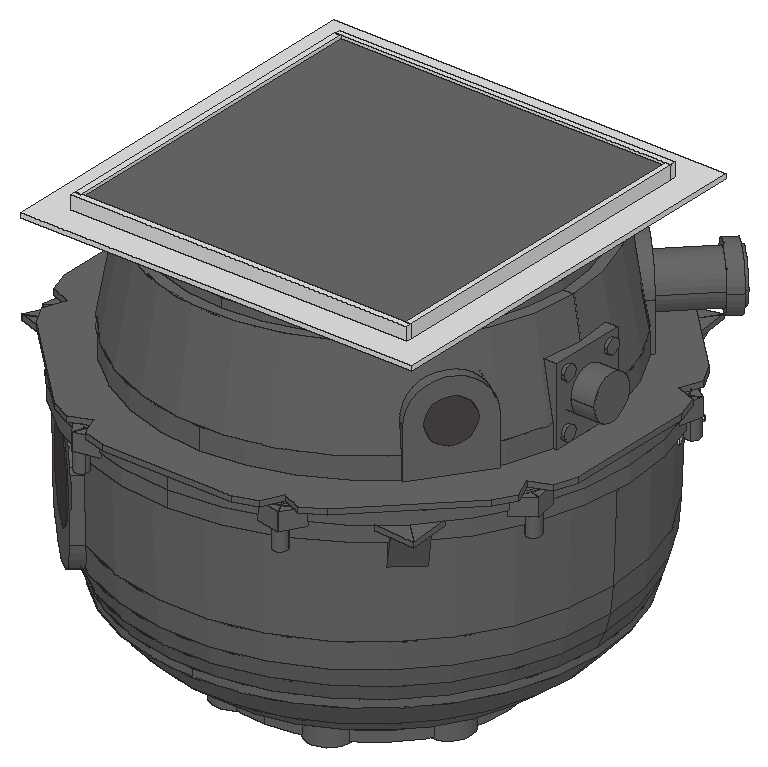
Revit family "280500sc (200)", category Generic Models, Revit 2021
Family settings
  Can host rebar = No
  Round Connector Dimension = Use Diameter
  Part Type = Normal
  Work Plane-Based = No
  Always vertical = Yes
  Cut with Voids When Loaded = No
  Shared = Yes
  Room Calculation Point = No
Parameters (values of type "280500SC")
  SUPPLIER = "KESSEL"
  SA700ID50 = "no"
  SA700ID49 = "Protection Class I"
  SA700ID48 = "no"
  SA700ID47 = "no"
  SA700ID46 = "yes"
  SA700ID37 = 8000 mm
  SA700ID34 = 12
  SA700ID33 = 0.5 W
  SA700ID32 = 16.17 kg
  SA700ID31 = 1
  SA700ID30 = 1
  SA700ID29 = "RWDR"
  SA700ID21 = 800
  SA700ID10 = "No"
  SA700ID08 = 230 V
  PROCUREWEBLINK = "https://p.caden.as/kessel/280500SC"
  PROCURELINK = "p.caden.as/kessel/280500SC"
  PROCUREDATALASTUPDATE = "2024-05-22T12:17:26.917645944+01:00"
  PRC_SPECIFICATIONLINK = "https://ausschreiben.de/catalog/kessel/catalogItem/8fbb1858-c2e1-4fac-a8b5-84fde75a8bc7"
  NN = "Lifting station Aqualift S compact"
  NBSYN = "$SA810ID03. ($LODLEVEL.)"
  NB = "280500SC (200)"
  Model = "280500SC"
  Manufacturer = "KESSEL"
  MIdent = "{$CADENAS_DATA/23d-libs/kessel/kessel_vdi_import/4/entwaesserung/hebeanlage20aqualift20s20compact.prj},217 {STYP=ASS},{VTYP=3D},{NB=280500SC (200)},{LINA=280500SC},{NN=Lifting station Aqualift S compact},{DATE=21.11.2022 10:40:35},{GEOMDATE=21.11.2022 10:40:35},{VERSION=},{LINEID=60},{WBVAR=LODLEVEL},{WBNUMERIC=LODLEVEL}  {NB=280500SC (200)},{LINA=280500SC},{KT=DUMMY},{PREVIEW=../../bilder/ksb_w_280500sc.png},{SA700ID04=Hebeanlage Aqualift S Compact, Mono, GTF 500, resistant, Bodenplatte},{SA810ID06=04026092082607},{SA700ID34=12.00},{SA010ID03=201805},{SA810ID03=280500SC},{SA810ID10=Die steckerfertige Hebeanlage für fäkalienfreies Abwasser ist mit einer überflutbaren Pumpe sowie einem Rückflussverhinderer ausgestattet. Der Sammelbehälter aus dauerhaft beständigem Kunststoff (PE) besitzt einen offenen Pumpenraum. Einhandverschlüsse ermöglichen die einfache Entnahme der integrierten Komponenten. Die Anlage zum Einbau in die Bodenplatte ist vormontiert zur bauseitigen Endmontage.- mit teleskopischem Aufsatzstück für stufenlosen Höhen- und Niveauausgleich und integriertem Bodenablauf- Sammelbehälter aus PE, beständig gegen aggressive Abwässer und 3 m Grundwasser- inklusive Rückflussverhinderer für die Druckleitung- inklusive Stutzen für Zulauf und Kabelleerrohr- Pumpe mit Freistromrad für höchste BetriebssicherheitAusführung:Anlagenart: EinzelanlagePumpensteuerung: SchwimmerschalterRückflussverhinderer: integriertResistant: beständig gegen salzhaltige Medien, Abwasser aus Enthärtungsanlagen sowie kondensathaltiges Abwasser aus HeizungsanlagenAuslieferungszustand: installationsfertig (Verbindungsteile sind bauseits anzuschließen)Einbausituation: Einbau in die BodenplatteAbwasserart: fäkalienfreiAllgemeine Merkmale:Farbe: schwarzNorm: EN 12050-2Abmessungen:Länge: 617 mmBreite: 585 mmBehälter/Grundkörper:Zulauf Nennweite (DN): 100 mmDruckabgang (DN): 32 mmDruckabgang (DA): 40 mmEinbautiefe: 490 - 620 mmNutzvolumen: 16 lArt der Höhenverstellbarkeit: teleskopisches AufsatzstückAbdeckungsmerkmale:Abdeckungsart: Abdeckplatte mit SchlitzrostAbdeckung Material: KunststoffAbdeckung Farbe: schwarzBelastungsklasse: K 3 (EN 1253-1)Länge: 366 mmBreite: 366 mmVerriegelung: Lock & LiftFreier Kugeldurchgang: 10 mmFördereinrichtung:Pumpe: GTF 500Anzahl Pumpen: 1Förderleistung max.: 10 m3/hFörderhöhe max.: 8 mBetriebsspannung: 230 VNetzfrequenz: 50 HzBetriebsart: S1Leistung P1: 0,6 kWLeistung P2: 0,36 kWDrehzahl: 2.800 U/minErforderliche Absicherung (Leitungsschutz): C 16 AFörderguttemperatur (dauerhaft) max.: 40 °CAnschlusstyp: Schuko 2-poligLaufrad Typ: FreistromradLänge Netzanschlussleitung Pumpe: 5 mNennstrom: 2,7 ASchutzart Pumpe: IP 68 (3m)Typ Anschlussleitung Pumpe: H07RN-F 3G 1,0 mm2Temperaturüberwachung: integriertSteuerung:Art Niveauerfassung: mechanischInstrument Niveauerfassung: Schwimmerschalter},{SA700ID37=8.00},{SA700ID33=0.50},{SA700ID08=230},{SA700ID30=1},{SA700ID32=16.17},{SA700ID49=Schutzklasse I},{SA700ID50=nein},{SA200ID03=6},{SA250ID03=vertikal},{SA260ID03=Trockenläuferpumpe},{SA350ID03=normalansaugend},{SA400ID03=E-Motor für Wechselstrom},{SA460ID03=direkt},{SA500ID03=Kunststoff, Edelstahl},{SA700ID06=32},{SA700ID07=100},{SA700ID09=1/N/PE 230V},{SA700ID10=Nein},{SA700ID11=50},{SA700ID12=IP 68},{SA700ID13=F},{SA700ID15=35},{SA700ID21=800.00},{SA700ID22=0.36},{SA700ID23=2800},{SA700ID24=2800},{SA700ID26=2.50},{SA700ID27=6.90},{SA700ID28=durchgehend},{SA700ID29=RWDR},{SA700ID31=1},{SA700ID46=ja},{SA700ID47=nein},{SA700ID48=nein},{SA110ID04=Hebeanlage Aqualift S Compact},{SA300ID03=einstufig},{SA700ID44=MIN},{SA700ID45=MIN},{SA010ID04=KESSEL AG},{LODLEVEL=200},{LINK=https://www.kessel.de/info?han=280500SC},{SA970ID01=970},{SA970ID02=14002},{SA970ID03=280500SC},{SA970ID04=11002617},{SA970ID05=QUAD},{SA970ID06=-326},{SA970ID07=-291.04},{SA970ID08=0},{SA970ID09=1},{SA970ID10=0},{SA970ID11=0},{SA970ID12=0},{SA970ID13=1},{SA970ID14=0},{SA970ID15=617.04},{SA970ID16=582.09},{SA970ID17=488.5},{LODLEVEL_=200,'Low'},{LODLEVEL_DEU=200,'Low'},{LINK_=https://www.kessel.de/info?han=280500SC},{LINK_DEU=https://www.kessel.de/info?han=280500SC},{LODLEVEL_3DB=280500SC_200},{DNIN1=100},{DNIN2=125},{DNIN3=100},{DNIN4=100},{DNOUT1=70},{DNOUT2=32},{ISD1=60},{ISD2=10},{ISD3=10},{SA010ID01=010},{SA010ID02=4},{SA010ID06=www.kessel.de},{SA010ID07=www.kessel.de},{SA010ID12=20180713},{SA010ID13=DEU},{SA010ID14=DE},{SA100ID01=100},{SA100ID02=4},{SA100ID04=Entwässerung},{SA110ID01=110},{SA110ID02=30},{SA200ID01=200},{SA200ID02=6},{SA250ID01=250},{SA250ID02=2},{SA260ID01=260},{SA260ID02=2},{SA300ID01=300},{SA300ID02=1},{SA350ID01=350},{SA350ID02=1},{SA400ID01=400},{SA400ID02=1},{SA460ID01=460},{SA460ID02=1},{SA500ID01=500},{SA500ID02=1},{SA700ID01=700},{SA700ID02=187},{SA700ID10_=0},{SA700ID16=0},{SA700ID25=0},{SA700ID46_=1},{SA700ID47_=0},{SA700ID48_=0},{SA700ID49_=1},{SA700ID50_=0},{SA800ID01=800},{SA800ID02=2},{SA810ID01=810},{SA810ID02=187},{SA810ID04=280500SC},{SA810ID07=187},{SA810ID09=1},{SA810ID14=PCE},{SA810ID15=1},{SA810ID16=NMP},{SA960ID03=187},{SA960ID04=3L},{SA960ID08=https://www.kessel.de/info?han=280500SC},{SA010ID08=4026092000007},{SA100ID05=Hebeanlage},{SA110ID06=Hebeanlage}"
  LINK = "https://www.kessel.de/info?han=280500SC"
  LINA = "280500SC"
  Default Elevation = 0 mm
  CREATOR = "CADENAS GmbH"
  CATALOG = "KESSEL"
  BOMINFO = "LINA"
  ARTICLENO = "NB"
  4.810.00.9 Order quantity (multiplicator) = "1"
  4.810.00.7 Media- connection number = "187"
  4.810.00.6 GTIN number = "04026092082607"
  4.810.00.4 DATANORM number = "280500SC"
  4.810.00.3 Producer order number = "280500SC"
  4.710.03.7 Mass (net) = 16.17 kg
  4.710.03.6 Height = 490 mm
  4.710.03.5 Width = 580 mm
  4.710.03.4 Length = 620 mm
  4.710.03.3 Type of dimensions = "2"
  4.710.02.8 Area of application of wastewater pump = "2"
  4.710.02.6 Duty type = "S1"
  4.710.02.5 Cutting device = "0"
  4.710.02.4 Attached pump control = "1"
  4.710.02.3 Free passage = 10 mm
  4.710.01.6 Option to connect to building automation = "10"
  4.710.01.5 Load regulation = "0"
  4.710.01.4 Designation of closed-loop control = "16"
  4.700.00.9 Voltage = 0
  4.700.00.8 Nominal connection size on suction side = "100"
  4.700.00.7 Nominal connection size on pressure side = "100"
  4.700.00.6 Type of connection = "32"
  4.700.00.4 Product indentification = "Hebeanlage Aqualift S Compact, Mono, GTF 500, resistant, Bodenplatte"
  4.700.00.28 Motor pump shaft = "durchgehend"
  4.700.00.27 Starting current = 6.9
  4.700.00.26 Maximum power consumption per pump / drive = 2.5
  4.700.00.25 Minimum speed at internal speed adjustment = 0
  4.700.00.24 Nominal speed / maximum speed n = 46.6667
  4.700.00.23 Nominal speed of motor = 46.6667
  4.700.00.22 Maximum shaft output (P2) per pump/drive = 0.36 W
  4.700.00.16 Maximum temperature of pumped medium = 0 °C
  4.700.00.15 Increased safety class = "35 °C"
  4.700.00.13 Type of protection = "F"
  4.700.00.12 Frequency = 0
  4.700.00.11 Stern-/Dreieck-Anlaufschaltung bei Dreiphasenanschluss oder Drehstrom = "50 Hz"
  4.700.00.10 Phase = "0"
  4.500.00.3 Variant / Variant type / Accessories-name = "Kunststoff, Edelstahl"
  4.460.00.3 Variant / Variant type / Accessories-name = "direkt"
  4.400.00.3 Variant / Variant type / Accessories-name = "E-Motor für Wechselstrom"
  4.350.00.3 Variant / Variant type / Accessories-name = "normalansaugend"
  4.300.00.3 Variant / Variant type / Accessories-name = "einstufig"
  4.260.00.3 Variant / Variant type / Accessories-name = "Trockenläuferpumpe"
  4.250.00.3 Variant / Variant type / Accessories-name = "vertikal"
  4.200.00.3 Variant / Variant type / Accessories-name = "6"
  4.110.00.6 Product classification = "Hebeanlage"
  4.110.00.4 Product indentification = "Hebeanlage Aqualift S Compact"
  4.100.00.5 Main groups of wares = "Hebeanlage"
  4.100.00.4 Product indentification = "Entwässerung"
  4.010.00.8 Producer ID number = "4026092000007"
  4.010.00.7 Comment = "www.kessel.de"
  4.010.00.6 Web address of the manufacturer = "www.kessel.de"
  4.010.00.4 Manufacturer name = "KESSEL AG"
  4.010.00.3 Date of issuance (month) of guideline = "201805"
  4.010.00.2 Sheet number of the guideline = "4"
  4.010.00.14 Kennungen der Projektländer, für die die Datei gültig ist = "DE"
  4.010.00.13 Sprache der Datei = "DEU"
  4.010.00.12 Stand des Herstellerkatalogs = "20180713"
Reference planes
  plane 1 "Center (Front/Back)": y = 0
  plane 2: z = 0
  plane 3 "Center (Left/Right)": x = 0
Forms (mm)
  Extrusion 1, void
    sketch origin (-197.283, 197.283, 209) x (-0.707107, -0.707107, 0) y (0, 0, -1)
      loop
        line (-0.5, -0.5) -> (0.5, -0.5) -> (0.5, 0.5) -> (-0.5, 0.5) -> (-0.5, -0.5)
    from 0 to 1
  Extrusion 2, void
    sketch origin (-197.283, -197.283, 209) x (0.707107, -0.707107, 0) y (0, 0, -1)
      loop
        line (-0.5, -0.5) -> (0.5, -0.5) -> (0.5, 0.5) -> (-0.5, 0.5) -> (-0.5, -0.5)
    from 0 to 1
Dimensions and locks
  locked: plane 2 to Extrusion 1 at 208.5
  locked: plane 2 to Extrusion 1 at 209.5
  locked: plane 2 to Extrusion 2 at 208.5
  locked: plane 2 to Extrusion 2 at 209.5
  aligned and locked: level to plane 2
Nested families
  nested 1: "280500sc (200)_content" at (0, 0, 0), type "280500SC (200)_Content"
  nested 2: "280500sc (200)_part1_X0Y0" at (0, 0, 0), type "280500SC_PART1_X0Y0"
Connectors
  piping at (-326, 0, 209), diameter 125
    settings: on nested 2, index 1, connector inside diameter 609.6 mm, connector length 0 mm, flow factor 0, pipe flow 0.0 L/s, pressure drop 0.0 Pa, fitting loss kfactor 0, connector angle 0.00°, fixture units 0, engagement length 0 mm, angle of deflection 0.00°, flow configuration 0, flow direction 1, fitting loss method 2, system type 29, joint type 0, gender type 0, connector reference index -1, connector utility 0, adjustable connector no, is connector primary yes, connector description ""
  piping at (-197.283, 197.283, 209), diameter 100
    settings: on Extrusion 1, index 2, connector inside diameter 609.6 mm, connector length 0 mm, flow factor 0, pipe flow 0.0 L/s, pressure drop 0.0 Pa, fitting loss kfactor 0, connector angle 0.00°, fixture units 0, engagement length 0 mm, angle of deflection 0.00°, flow configuration 0, flow direction 0, fitting loss method 2, system type 29, joint type 0, gender type 0, connector reference index -1, connector utility 0, adjustable connector no, is connector primary no, connector description ""
  piping at (-197.283, -197.283, 209), diameter 100
    settings: on Extrusion 2, index 3, connector inside diameter 609.6 mm, connector length 0 mm, flow factor 0, pipe flow 0.0 L/s, pressure drop 0.0 Pa, fitting loss kfactor 0, connector angle 0.00°, fixture units 0, engagement length 0 mm, angle of deflection 0.00°, flow configuration 0, flow direction 0, fitting loss method 2, system type 29, joint type 0, gender type 0, connector reference index -1, connector utility 0, adjustable connector no, is connector primary no, connector description ""
  piping at (-245.75, 0, 370), diameter 70
    settings: on nested 2, index 4, connector inside diameter 609.6 mm, connector length 0 mm, flow factor 0, pipe flow 0.0 L/s, pressure drop 0.0 Pa, fitting loss kfactor 0, connector angle 0.00°, fixture units 0, engagement length 0 mm, angle of deflection 0.00°, flow configuration 0, flow direction 0, fitting loss method 2, system type 29, joint type 0, gender type 0, connector reference index -1, connector utility 0, adjustable connector no, is connector primary no, connector description ""
  piping at (272.5, -3, 363.25), diameter 32
    settings: on nested 2, index 5, connector inside diameter 609.6 mm, connector length 0 mm, flow factor 0, pipe flow 0.0 L/s, pressure drop 0.0 Pa, fitting loss kfactor 0, connector angle 0.00°, fixture units 0, engagement length 0 mm, angle of deflection 0.00°, flow configuration 0, flow direction 2, fitting loss method 2, system type 29, joint type 0, gender type 0, connector reference index -1, connector utility 0, adjustable connector no, is connector primary no, connector description ""
  electrical at (227.236, 241.378, 376)
    settings: on nested 2, index 6, voltage 0 V, apparent load 0 VA, apparent load phase1 0 VA, apparent load phase2 0 VA, apparent load phase3 0 VA, power factor 1, load classification "Other", number of poles 1, system type 31, power factor state 1, is connector primary yes, connector utility no, sub classification motor no, connector description ""
  electrical at (241.378, 227.236, 364)
    settings: on nested 2, index 7, voltage 0 V, apparent load 0 VA, apparent load phase1 0 VA, apparent load phase2 0 VA, apparent load phase3 0 VA, power factor 1, load classification "Other", number of poles 1, system type 31, power factor state 1, is connector primary no, connector utility no, sub classification motor no, connector description ""
  electrical at (241.378, 227.236, 376)
    settings: on nested 2, index 8, voltage 0 V, apparent load 0 VA, apparent load phase1 0 VA, apparent load phase2 0 VA, apparent load phase3 0 VA, power factor 1, load classification "Other", number of poles 1, system type 31, power factor state 1, is connector primary no, connector utility no, sub classification motor no, connector description ""
  electrical at (227.236, 241.378, 364)
    settings: on nested 2, index 9, voltage 0 V, apparent load 0 VA, apparent load phase1 0 VA, apparent load phase2 0 VA, apparent load phase3 0 VA, power factor 1, load classification "Other", number of poles 1, system type 31, power factor state 1, is connector primary no, connector utility no, sub classification motor no, connector description ""
Definition of nested family "280500sc (200)_part1_X0Y0"
  Parameters (values of type "280500SC_PART1_X0Y0")
    SUPPLIER = "KESSEL"
    SA700ID50 = "no"
    SA700ID49 = "Protection Class I"
    SA700ID48 = "no"
    SA700ID47 = "no"
    SA700ID46 = "yes"
    SA700ID37 = 8000 mm
    SA700ID34 = 12
    SA700ID33 = 0.5 W
    SA700ID32 = 16.17 kg
    SA700ID31 = 1
    SA700ID30 = 1
    SA700ID29 = "RWDR"
    SA700ID21 = 800
    SA700ID10 = "No"
    SA700ID08 = 230 V
    NBSYN = "$SA810ID03. ($LODLEVEL.)_PART1"
    NB = "280500SC (200)_PART1"
    Model = "280500SC_PART1"
    Manufacturer = "KESSEL"
    MIdent = "{$CADENAS_DATA/23d-libs/kessel/kessel_vdi_import/4/entwaesserung/hebeanlage20aqualift20s20compact.prj},237 {VTYP=3D},{NB=280500SC (200)_PART1},{LINA=280500SC_PART1},{NN=Lifting station Aqualift S compact_PART1},{NOPRJ=TRUE},{DATE=21.11.2022 10:40:35},{GEOMDATE=21.11.2022 10:40:35},{VERSION=},{LINEID=60},{WBVAR=LODLEVEL},{WBNUMERIC=LODLEVEL}  {NB=280500SC (200)_PART1},{LINA=280500SC_PART1},{KT=DUMMY},{PREVIEW=../../bilder/ksb_w_280500sc.png},{SA700ID04=Hebeanlage Aqualift S Compact, Mono, GTF 500, resistant, Bodenplatte},{SA810ID06=04026092082607},{SA700ID34=12.00},{SA010ID03=201805},{SA810ID03=280500SC},{SA810ID10=Die steckerfertige Hebeanlage für fäkalienfreies Abwasser ist mit einer überflutbaren Pumpe sowie einem Rückflussverhinderer ausgestattet. Der Sammelbehälter aus dauerhaft beständigem Kunststoff (PE) besitzt einen offenen Pumpenraum. Einhandverschlüsse ermöglichen die einfache Entnahme der integrierten Komponenten. Die Anlage zum Einbau in die Bodenplatte ist vormontiert zur bauseitigen Endmontage.- mit teleskopischem Aufsatzstück für stufenlosen Höhen- und Niveauausgleich und integriertem Bodenablauf- Sammelbehälter aus PE, beständig gegen aggressive Abwässer und 3 m Grundwasser- inklusive Rückflussverhinderer für die Druckleitung- inklusive Stutzen für Zulauf und Kabelleerrohr- Pumpe mit Freistromrad für höchste BetriebssicherheitAusführung:Anlagenart: EinzelanlagePumpensteuerung: SchwimmerschalterRückflussverhinderer: integriertResistant: beständig gegen salzhaltige Medien, Abwasser aus Enthärtungsanlagen sowie kondensathaltiges Abwasser aus HeizungsanlagenAuslieferungszustand: installationsfertig (Verbindungsteile sind bauseits anzuschließen)Einbausituation: Einbau in die BodenplatteAbwasserart: fäkalienfreiAllgemeine Merkmale:Farbe: schwarzNorm: EN 12050-2Abmessungen:Länge: 617 mmBreite: 585 mmBehälter/Grundkörper:Zulauf Nennweite (DN): 100 mmDruckabgang (DN): 32 mmDruckabgang (DA): 40 mmEinbautiefe: 490 - 620 mmNutzvolumen: 16 lArt der Höhenverstellbarkeit: teleskopisches AufsatzstückAbdeckungsmerkmale:Abdeckungsart: Abdeckplatte mit SchlitzrostAbdeckung Material: KunststoffAbdeckung Farbe: schwarzBelastungsklasse: K 3 (EN 1253-1)Länge: 366 mmBreite: 366 mmVerriegelung: Lock & LiftFreier Kugeldurchgang: 10 mmFördereinrichtung:Pumpe: GTF 500Anzahl Pumpen: 1Förderleistung max.: 10 m3/hFörderhöhe max.: 8 mBetriebsspannung: 230 VNetzfrequenz: 50 HzBetriebsart: S1Leistung P1: 0,6 kWLeistung P2: 0,36 kWDrehzahl: 2.800 U/minErforderliche Absicherung (Leitungsschutz): C 16 AFörderguttemperatur (dauerhaft) max.: 40 °CAnschlusstyp: Schuko 2-poligLaufrad Typ: FreistromradLänge Netzanschlussleitung Pumpe: 5 mNennstrom: 2,7 ASchutzart Pumpe: IP 68 (3m)Typ Anschlussleitung Pumpe: H07RN-F 3G 1,0 mm2Temperaturüberwachung: integriertSteuerung:Art Niveauerfassung: mechanischInstrument Niveauerfassung: Schwimmerschalter},{SA700ID37=8.00},{SA700ID33=0.50},{SA700ID08=230},{SA700ID30=1},{SA700ID32=16.17},{SA700ID49=Schutzklasse I},{SA700ID50=nein},{SA200ID03=6},{SA250ID03=vertikal},{SA260ID03=Trockenläuferpumpe},{SA350ID03=normalansaugend},{SA400ID03=E-Motor für Wechselstrom},{SA460ID03=direkt},{SA500ID03=Kunststoff, Edelstahl},{SA700ID06=32},{SA700ID07=100},{SA700ID09=1/N/PE 230V},{SA700ID10=Nein},{SA700ID11=50},{SA700ID12=IP 68},{SA700ID13=F},{SA700ID15=35},{SA700ID21=800.00},{SA700ID22=0.36},{SA700ID23=2800},{SA700ID24=2800},{SA700ID26=2.50},{SA700ID27=6.90},{SA700ID28=durchgehend},{SA700ID29=RWDR},{SA700ID31=1},{SA700ID46=ja},{SA700ID47=nein},{SA700ID48=nein},{SA110ID04=Hebeanlage Aqualift S Compact},{SA300ID03=einstufig},{SA700ID44=MIN},{SA700ID45=MIN},{SA010ID04=KESSEL AG},{LODLEVEL=200},{LINK=https://www.kessel.de/info?han=280500SC},{SA970ID01=970},{SA970ID02=14002},{SA970ID03=280500SC},{SA970ID04=11002617},{SA970ID05=QUAD},{SA970ID06=-326},{SA970ID07=-291.04},{SA970ID08=0},{SA970ID09=1},{SA970ID10=0},{SA970ID11=0},{SA970ID12=0},{SA970ID13=1},{SA970ID14=0},{SA970ID15=617.04},{SA970ID16=582.09},{SA970ID17=488.5},{LODLEVEL_=200,'Low'},{LODLEVEL_DEU=200,'Low'},{LINK_=https://www.kessel.de/info?han=280500SC},{LINK_DEU=https://www.kessel.de/info?han=280500SC},{LODLEVEL_3DB=280500SC_200},{DNIN1=100},{DNIN2=125},{DNIN3=100},{DNIN4=100},{DNOUT1=70},{DNOUT2=32},{ISD1=60},{ISD2=10},{ISD3=10},{SA010ID01=010},{SA010ID02=4},{SA010ID06=www.kessel.de},{SA010ID07=www.kessel.de},{SA010ID12=20180713},{SA010ID13=DEU},{SA010ID14=DE},{SA100ID01=100},{SA100ID02=4},{SA100ID04=Entwässerung},{SA110ID01=110},{SA110ID02=30},{SA200ID01=200},{SA200ID02=6},{SA250ID01=250},{SA250ID02=2},{SA260ID01=260},{SA260ID02=2},{SA300ID01=300},{SA300ID02=1},{SA350ID01=350},{SA350ID02=1},{SA400ID01=400},{SA400ID02=1},{SA460ID01=460},{SA460ID02=1},{SA500ID01=500},{SA500ID02=1},{SA700ID01=700},{SA700ID02=187},{SA700ID10_=0},{SA700ID16=0},{SA700ID25=0},{SA700ID46_=1},{SA700ID47_=0},{SA700ID48_=0},{SA700ID49_=1},{SA700ID50_=0},{SA800ID01=800},{SA800ID02=2},{SA810ID01=810},{SA810ID02=187},{SA810ID04=280500SC},{SA810ID07=187},{SA810ID09=1},{SA810ID14=PCE},{SA810ID15=1},{SA810ID16=NMP},{SA960ID03=187},{SA960ID04=3L},{SA960ID08=https://www.kessel.de/info?han=280500SC},{SA010ID08=4026092000007},{SA100ID05=Hebeanlage},{SA110ID06=Hebeanlage}"
    LINK = "https://www.kessel.de/info?han=280500SC"
    LINA = "280500SC_PART1"
    Default Elevation = 1219.2 mm
    CREATOR = "CADENAS GmbH"
    CATALOG = "KESSEL"
    BOMINFO = "LINA"
    ARTICLENO = "NB"
    4.810.00.9 Order quantity (multiplicator) = "1"
    4.810.00.7 Media- connection number = "187"
    4.810.00.6 GTIN number = "04026092082607"
    4.810.00.4 DATANORM number = "280500SC"
    4.810.00.3 Producer order number = "280500SC"
    4.710.03.7 Mass (net) = 16.17 kg
    4.710.03.6 Height = 490 mm
    4.710.03.5 Width = 580 mm
    4.710.03.4 Length = 620 mm
    4.710.03.3 Type of dimensions = "2"
    4.710.02.8 Area of application of wastewater pump = "2"
    4.710.02.6 Duty type = "S1"
    4.710.02.5 Cutting device = "0"
    4.710.02.4 Attached pump control = "1"
    4.710.02.3 Free passage = 10 mm
    4.710.01.6 Option to connect to building automation = "10"
    4.710.01.5 Load regulation = "0"
    4.710.01.4 Designation of closed-loop control = "16"
    4.700.00.9 Voltage = 0
    4.700.00.8 Nominal connection size on suction side = "100"
    4.700.00.7 Nominal connection size on pressure side = "100"
    4.700.00.6 Type of connection = "32"
    4.700.00.4 Product indentification = "Hebeanlage Aqualift S Compact, Mono, GTF 500, resistant, Bodenplatte"
    4.700.00.28 Motor pump shaft = "durchgehend"
    4.700.00.27 Starting current = 6.9
    4.700.00.26 Maximum power consumption per pump / drive = 2.5
    4.700.00.25 Minimum speed at internal speed adjustment = 0
    4.700.00.24 Nominal speed / maximum speed n = 46.6667
    4.700.00.23 Nominal speed of motor = 46.6667
    4.700.00.22 Maximum shaft output (P2) per pump/drive = 0.36 W
    4.700.00.16 Maximum temperature of pumped medium = 0 °C
    4.700.00.15 Increased safety class = "35 °C"
    4.700.00.13 Type of protection = "F"
    4.700.00.12 Frequency = 0
    4.700.00.11 Stern-/Dreieck-Anlaufschaltung bei Dreiphasenanschluss oder Drehstrom = "50 Hz"
    4.700.00.10 Phase = "0"
    4.500.00.3 Variant / Variant type / Accessories-name = "Kunststoff, Edelstahl"
    4.460.00.3 Variant / Variant type / Accessories-name = "direkt"
    4.400.00.3 Variant / Variant type / Accessories-name = "E-Motor für Wechselstrom"
    4.350.00.3 Variant / Variant type / Accessories-name = "normalansaugend"
    4.300.00.3 Variant / Variant type / Accessories-name = "einstufig"
    4.260.00.3 Variant / Variant type / Accessories-name = "Trockenläuferpumpe"
    4.250.00.3 Variant / Variant type / Accessories-name = "vertikal"
    4.200.00.3 Variant / Variant type / Accessories-name = "6"
    4.110.00.6 Product classification = "Hebeanlage"
    4.110.00.4 Product indentification = "Hebeanlage Aqualift S Compact"
    4.100.00.5 Main groups of wares = "Hebeanlage"
    4.100.00.4 Product indentification = "Entwässerung"
    4.010.00.8 Producer ID number = "4026092000007"
    4.010.00.7 Comment = "www.kessel.de"
    4.010.00.6 Web address of the manufacturer = "www.kessel.de"
    4.010.00.4 Manufacturer name = "KESSEL AG"
    4.010.00.3 Date of issuance (month) of guideline = "201805"
    4.010.00.2 Sheet number of the guideline = "4"
    4.010.00.14 Kennungen der Projektländer, für die die Datei gültig ist = "DE"
    4.010.00.13 Sprache der Datei = "DEU"
    4.010.00.12 Stand des Herstellerkatalogs = "20180713"
  Reference planes
    plane 1 "Center (Front/Back)": y = 0
    plane 2: z = 0
    plane 3 "Center (Left/Right)": x = 0
  Dimensions and locks
    aligned and locked: level to plane 2
  Nested families
    nested 1: "280500sc (200)_part1_content" at (0, 0, 0), type "280500SC (200)_PART1_Content"
  Definition of nested family "280500sc (200)_part1_content"
    Parameters (values of type "280500SC (200)_PART1_Content")
      SUPPLIER = "KESSEL"
      SA700ID50 = "no"
      SA700ID49 = "Protection Class I"
      SA700ID48 = "no"
      SA700ID47 = "no"
      SA700ID46 = "yes"
      SA700ID37 = 8000 mm
      SA700ID34 = 12
      SA700ID33 = 0.5 W
      SA700ID32 = 16.17 kg
      SA700ID31 = 1
      SA700ID30 = 1
      SA700ID29 = "RWDR"
      SA700ID21 = 800
      SA700ID10 = "No"
      SA700ID08 = 230 V
      NBSYN = "$SA810ID03. ($LODLEVEL.)_PART1"
      NB = "280500SC (200)_PART1"
      Model = "280500SC_PART1"
      Manufacturer = "KESSEL"
      LINK = "https://www.kessel.de/info?han=280500SC"
      LINA = "280500SC_PART1"
      Default Elevation = 1219.2 mm
      CREATOR = "CADENAS GmbH"
      CATALOG = "KESSEL"
      BOMINFO = "LINA"
      ARTICLENO = "NB"
      4.810.00.9 Order quantity (multiplicator) = "1"
      4.810.00.7 Media- connection number = "187"
      4.810.00.6 GTIN number = "04026092082607"
      4.810.00.4 DATANORM number = "280500SC"
      4.810.00.3 Producer order number = "280500SC"
      4.710.03.7 Mass (net) = 16.17 kg
      4.710.03.6 Height = 490 mm
      4.710.03.5 Width = 580 mm
      4.710.03.4 Length = 620 mm
      4.710.03.3 Type of dimensions = "2"
      4.710.02.8 Area of application of wastewater pump = "2"
      4.710.02.6 Duty type = "S1"
      4.710.02.5 Cutting device = "0"
      4.710.02.4 Attached pump control = "1"
      4.710.02.3 Free passage = 10 mm
      4.710.01.6 Option to connect to building automation = "10"
      4.710.01.5 Load regulation = "0"
      4.710.01.4 Designation of closed-loop control = "16"
      4.700.00.9 Voltage = 0
      4.700.00.8 Nominal connection size on suction side = "100"
      4.700.00.7 Nominal connection size on pressure side = "100"
      4.700.00.6 Type of connection = "32"
      4.700.00.4 Product indentification = "Hebeanlage Aqualift S Compact, Mono, GTF 500, resistant, Bodenplatte"
      4.700.00.28 Motor pump shaft = "durchgehend"
      4.700.00.27 Starting current = 6.9
      4.700.00.26 Maximum power consumption per pump / drive = 2.5
      4.700.00.25 Minimum speed at internal speed adjustment = 0
      4.700.00.24 Nominal speed / maximum speed n = 46.6667
      4.700.00.23 Nominal speed of motor = 46.6667
      4.700.00.22 Maximum shaft output (P2) per pump/drive = 0.36 W
      4.700.00.16 Maximum temperature of pumped medium = 0 °C
      4.700.00.15 Increased safety class = "35 °C"
      4.700.00.13 Type of protection = "F"
      4.700.00.12 Frequency = 0
      4.700.00.11 Stern-/Dreieck-Anlaufschaltung bei Dreiphasenanschluss oder Drehstrom = "50 Hz"
      4.700.00.10 Phase = "0"
      4.500.00.3 Variant / Variant type / Accessories-name = "Kunststoff, Edelstahl"
      4.460.00.3 Variant / Variant type / Accessories-name = "direkt"
      4.400.00.3 Variant / Variant type / Accessories-name = "E-Motor für Wechselstrom"
      4.350.00.3 Variant / Variant type / Accessories-name = "normalansaugend"
      4.300.00.3 Variant / Variant type / Accessories-name = "einstufig"
      4.260.00.3 Variant / Variant type / Accessories-name = "Trockenläuferpumpe"
      4.250.00.3 Variant / Variant type / Accessories-name = "vertikal"
      4.200.00.3 Variant / Variant type / Accessories-name = "6"
      4.110.00.6 Product classification = "Hebeanlage"
      4.110.00.4 Product indentification = "Hebeanlage Aqualift S Compact"
      4.100.00.5 Main groups of wares = "Hebeanlage"
      4.100.00.4 Product indentification = "Entwässerung"
      4.010.00.8 Producer ID number = "4026092000007"
      4.010.00.7 Comment = "www.kessel.de"
      4.010.00.6 Web address of the manufacturer = "www.kessel.de"
      4.010.00.4 Manufacturer name = "KESSEL AG"
      4.010.00.3 Date of issuance (month) of guideline = "201805"
      4.010.00.2 Sheet number of the guideline = "4"
      4.010.00.14 Kennungen der Projektländer, für die die Datei gültig ist = "DE"
      4.010.00.13 Sprache der Datei = "DEU"
      4.010.00.12 Stand des Herstellerkatalogs = "20180713"
    Reference planes
      plane 1 "Center (Front/Back)": y = 0
      plane 2: z = 0
      plane 3 "Center (Left/Right)": x = 0
    Forms (mm)
      Extrusion 1, solid, detail levels medium+fine
        sketch origin (0, 0, 2) x (0, 1, 0) y (-1, 0, 0)
          loop
            circle (0, 0) r 153
        from 0 to 26.5
      Revolve 2, solid, detail levels medium+fine
        sketch origin (0, 0, 21) x (0, 0, 1) y (-1, 0, 0)
          loop
            line (0, 0) -> (16, 0) -> (16, 193) -> (0, 153) -> (0, 0)
          axis (16, 0) -> (0, 0)
        angle from -360 to 0
      Revolve 3, solid, detail levels medium+fine
        sketch origin (0, 0, 37) x (0, 0, 1) y (-1, 0, 0)
          loop
            line (0, 0) -> (24, 0) -> (24, 225) -> (0, 193) -> (0, 0)
          axis (24, 0) -> (0, 0)
        angle from -360 to 0
      Revolve 4, solid, detail levels medium+fine
        sketch origin (0, 0, 61) x (0, 0, 1) y (-1, 0, 0)
          loop
            line (0, 0) -> (33, 0) -> (33, 255) -> (0, 225) -> (0, 0)
          axis (33, 0) -> (0, 0)
        angle from -360 to 0
      Extrusion 5, solid, detail levels medium+fine
        sketch origin (0, 0, 94) x (0, 1, 0) y (-1, 0, 0)
          loop
            circle (0, 0) r 255
        from 0 to 9
      Revolve 6, solid, detail levels medium+fine
        sketch origin (0, 0, 103) x (0, 0, 1) y (-1, 0, 0)
          loop
            line (0, 0) -> (18, 0) -> (18, 263.5) -> (0, 255) -> (0, 0)
          axis (18, 0) -> (0, 0)
        angle from -360 to 0
      Revolve 7, solid, detail levels medium+fine
        sketch origin (0, 0, 121) x (0, 0, 1) y (-1, 0, 0)
          loop
            line (0, 0) -> (20, 0) -> (20, 269.5) -> (0, 263.5) -> (0, 0)
          axis (20, 0) -> (0, 0)
        angle from -360 to 0
      Revolve 8, solid, detail levels medium+fine
        sketch origin (0, 0, 141) x (0, 0, 1) y (-1, 0, 0)
          loop
            line (0, 0) -> (30, 0) -> (30, 272.75) -> (0, 269.5) -> (0, 0)
          axis (30, 0) -> (0, 0)
        angle from -360 to 0
      Revolve 9, solid, detail levels medium+fine
        sketch origin (0, 0, 171) x (0, 0, 1) y (-1, 0, 0)
          loop
            line (0, 0) -> (111, 0) -> (111, 277) -> (0, 272.75) -> (0, 0)
          axis (111, 0) -> (0, 0)
        angle from -360 to 0
      Extrusion 10, solid, detail levels medium+fine
        sketch origin (0, 0, 282) x (0, 1, 0) y (-1, 0, 0)
          loop
            circle (0, 0) r 290.5
        from 0 to 18
      Extrusion 11, solid, detail levels medium+fine
        sketch origin (0, 0, 300) x (0, 1, 0) y (-1, 0, 0)
          loop
            circle (0, 0) r 291
        from 0 to 14
      Extrusion 12, solid, detail levels medium+fine
        sketch origin (0, 0, 314) x (1, 0, 0) y (0, 1, 0)
          loop
            line (-291.044, -72.937) -> (-283.487, -98.291) -> (-260.422, -107.913) -> (-269.955, -130.928) -> (-257.458, -154.14) -> (-154.225, -257.373) -> (-130.953, -269.958) -> (-107.84, -260.453) -> (-98.307, -283.467) -> (-73.056, -291.044) -> (72.937, -291.044) -> (98.291, -283.487) -> (107.913, -260.422) -> (130.928, -269.955) -> (154.14, -257.458) -> (257.694, -153.632) -> (269.958, -130.953) -> (260.394, -107.864) -> (283.467, -98.307) -> (291.044, -73.056) -> (291.044, 72.937) -> (283.487, 98.291) -> (260.422, 107.913) -> (269.955, 130.928) -> (257.458, 154.14) -> (154.225, 257.373) -> (130.953, 269.958) -> (107.84, 260.453) -> (98.307, 283.467) -> (73.056, 291.044) -> (-72.937, 291.044) -> (-98.291, 283.487) -> (-107.913, 260.422) -> (-130.928, 269.955) -> (-154.14, 257.458) -> (-257.373, 154.225) -> (-269.958, 130.953) -> (-260.453, 107.84) -> (-283.467, 98.307) -> (-291.044, 73.056) -> (-291.044, -72.937)
        from 0 to 6
      Extrusion 13, solid, detail levels medium+fine
        sketch origin (0, 0, 320) x (0, 1, 0) y (-1, 0, 0)
          loop
            circle (0, 0) r 245.25
        from 0 to 24.5
      Revolve 14, solid, detail levels medium+fine
        sketch origin (0, 0, 344.5) x (0, 0, 1) y (-1, 0, 0)
          loop
            line (0, 0) -> (106.5, 0) -> (106.5, 227) -> (0, 245.25) -> (0, 0)
          axis (106.5, 0) -> (0, 0)
        angle from -360 to 0
      Extrusion 15, solid, detail levels medium+fine
        sketch origin (0, 0, 451) x (0, 1, 0) y (-1, 0, 0)
          loop
            circle (0, 0) r 214.5
        from 0 to 10
      Extrusion 16, solid, detail levels medium+fine
        sketch origin (-190, -190, 461) x (0, 1, 0) y (0, 0, 1)
          loop
            line (0, 7.5) -> (0, 0) -> (380, 0) -> (380, 7.5) -> (0, 7.5)
        from 0 to 380
      Extrusion 17, solid, detail levels medium+fine
        sketch origin (0, 0, 461) x (0, 1, 0) y (-1, 0, 0)
          loop
            circle (0, 0) r 208.5
        from 0 to 7.5
      Extrusion 18, solid, detail levels medium+fine
        sketch origin (-222, -222, 468.5) x (0, 1, 0) y (0, 0, 1)
          loop
            line (0, 5) -> (0, 0) -> (444, 0) -> (444, 5) -> (0, 5)
        from 0 to 444
      Extrusion 19, solid, detail levels medium+fine
        sketch origin (-184, -184, 473.5) x (0, 1, 0) y (0, 0, 1)
          loop
            line (0, 12) -> (0, 0) -> (368, 0) -> (368, 12) -> (0, 12)
        from 0 to 368
      Extrusion 20, solid, detail levels medium+fine
        sketch origin (0, 60, 320) x (0, -1, 0) y (0, 0, 1)
          loop
            line (0, 50) -> (0, 0) -> (120, 0) -> (120, 50) -> (0, 50)
        from 0 to 245.5
      Extrusion 21, solid, detail levels medium+fine
        sketch origin (0, 0, 370) x (0, -1, 0) y (0, 0, 1)
          loop
            circle (0, 0) r 60
        from 0 to 245.5
      Extrusion 22, solid, detail levels medium+fine
        sketch origin (-244, 0, 370) x (0, -1, 0) y (0, 0, 1)
          loop
            circle (0, 0) r 35.1
        from 0 to 1.75
      Extrusion 23, solid, detail levels medium+fine
        sketch origin (31.82, -31.82, 320) x (-0.707107, 0.707107, 0) y (0, 0, 1)
          loop
            line (0, 55.25) -> (0, 0) -> (90, 0) -> (90, 55.25) -> (0, 55.25)
        from 0 to 245.5
      Extrusion 24, solid, detail levels medium+fine
        sketch origin (0, 0, 375.25) x (-0.707107, 0.707107, 0) y (0, 0, 1)
          loop
            circle (0, 0) r 45
        from 0 to 245.5
      Extrusion 25, solid, detail levels medium+fine
        sketch origin (0, 0, 370) x (-0.707107, 0.707107, 0) y (0, 0, 1)
          loop
            circle (0, 0) r 27.7
        from 0 to 311.36
      Extrusion 26, solid, detail levels medium+fine
        sketch origin (0, 27.5, 332.75) x (0, 1, 0) y (0, 0, 1)
          loop
            circle (0, 0) r 8
        from 0 to 250
      Extrusion 27, solid, detail levels medium+fine
        sketch origin (0, -46.25, 320) x (0, 1, 0) y (0, 0, 1)
          loop
            line (0, 86.5) -> (0, 0) -> (86.5, 0) -> (86.5, 86.5) -> (0, 86.5)
        from 0 to 245.5
      Extrusion 28, solid, detail levels medium+fine
        sketch origin (0, -3, 363.25) x (0, 1, 0) y (0, 0, 1)
          loop
            circle (0, 0) r 24.75
        from 0 to 272.5
      Extrusion 29, solid, detail levels medium+fine
        sketch origin (0, 27.5, 393.75) x (0, 1, 0) y (0, 0, 1)
          loop
            circle (0, 0) r 8
        from 0 to 250
      Extrusion 30, solid, detail levels medium+fine
        sketch origin (0, -33.5, 332.75) x (0, 1, 0) y (0, 0, 1)
          loop
            circle (0, 0) r 8
        from 0 to 250
      Extrusion 31, solid, detail levels medium+fine
        sketch origin (0, -33.5, 393.75) x (0, 1, 0) y (0, 0, 1)
          loop
            circle (0, 0) r 8
        from 0 to 250
      Extrusion 32, solid, detail levels medium+fine
        sketch origin (-25.811, -36.862, 320) x (0.573577, 0.819152, 0) y (0, 0, 1)
          loop
            line (0, 55.25) -> (0, 0) -> (90, 0) -> (90, 55.25)
            arc (90, 55.25) -> (45, 100.25) -> (0, 55.25) r 45
        from 0 to 245.5
      Extrusion 33, solid, detail levels medium+fine
        sketch origin (199.873, -139.953, 375.25) x (0.573577, 0.819152, 0) y (0, 0, 1)
          loop
            circle (0, 0) r 25
        from 0 to 1.75
      Extrusion 34, solid, detail levels medium+fine
        sketch origin (-53.002, 127.957, 0) x (-0.92388, -0.382683, 0) y (0.382683, -0.92388, 0)
          loop
            circle (0, 0) r 25
        from 0 to 28.5
      Extrusion 35, solid, detail levels medium+fine
        sketch origin (-127.957, -53.002, 0) x (0.382683, -0.92388, 0) y (0.92388, 0.382683, 0)
          loop
            circle (0, 0) r 25
        from 0 to 28.5
      Extrusion 36, solid, detail levels medium+fine
        sketch origin (53.002, -127.957, 0) x (0.92388, 0.382683, 0) y (-0.382683, 0.92388, 0)
          loop
            circle (0, 0) r 25
        from 0 to 28.5
      Extrusion 37, solid, detail levels medium+fine
        sketch origin (53.002, 127.957, 0) x (-0.923879, 0.382684, 0) y (-0.382684, -0.923879, 0)
          loop
            circle (0, 0) r 25
        from 0 to 28.5
      Extrusion 38, solid, detail levels medium+fine
        sketch origin (-127.957, 53.002, 0) x (-0.382684, -0.923879, 0) y (0.923879, -0.382684, 0)
          loop
            circle (0, 0) r 25
        from 0 to 28.5
      Extrusion 39, solid, detail levels medium+fine
        sketch origin (-53.002, -127.957, 0) x (0.923879, -0.382684, 0) y (0.382684, 0.923879, 0)
          loop
            circle (0, 0) r 25
        from 0 to 28.5
      Extrusion 40, solid, detail levels medium+fine
        sketch origin (127.957, -53.002, 0) x (0.382684, 0.923879, 0) y (-0.923879, 0.382684, 0)
          loop
            circle (0, 0) r 25
        from 0 to 28.5
      Extrusion 41, solid, detail levels medium+fine
        sketch origin (127.957, 53.002, 0) x (-0.382683, 0.92388, 0) y (-0.92388, -0.382683, 0)
          loop
            circle (0, 0) r 25
        from 0 to 28.5
      Extrusion 42, solid, detail levels medium+fine
        sketch origin (0, 0, 209) x (0, -1, 0) y (0, 0, 1)
          loop
            line (-72.693, 35.337) -> (-68.918, -37.767)
            arc (-68.918, -37.767) -> (-63.198, -56.139) -> (-50.593, -70.678) r 46.983
            line (-50.593, -70.678) -> (-49.193, -71.697)
            arc (-49.193, -71.697) -> (-25.794, -83.147) -> (0, -86.788) r 83.079
            arc (0, -86.788) -> (25.794, -83.147) -> (49.193, -71.697) r 83.079
            line (49.193, -71.697) -> (50.593, -70.678)
            arc (50.593, -70.678) -> (63.198, -56.139) -> (68.918, -37.767) r 46.983
            line (68.918, -37.767) -> (72.693, 35.337)
            arc (72.693, 35.337) -> (71.616, 38.805) -> (69.783, 41.939) r 15.989
            arc (69.783, 41.939) -> (60.032, 51.336) -> (48.652, 58.679) r 69.984
            line (48.652, 58.679) -> (47.252, 59.417)
            arc (47.252, 59.417) -> (24.369, 68.322) -> (0, 71.344) r 99.373
            arc (0, 71.344) -> (-24.369, 68.322) -> (-47.252, 59.417) r 99.373
            line (-47.252, 59.417) -> (-48.652, 58.679)
            arc (-48.652, 58.679) -> (-60.032, 51.336) -> (-69.783, 41.939) r 69.984
            arc (-69.783, 41.939) -> (-71.616, 38.805) -> (-72.693, 35.337) r 15.989
        from 0 to 277.5
      Extrusion 43, solid, detail levels medium+fine
        sketch origin (0, 0, 209) x (0, -1, 0) y (0, 0, 1)
          loop
            circle (0, 0) r 55
        from 0 to 326
      Extrusion 44, solid, detail levels medium+fine
        sketch origin (0, 0, 209) x (0.707107, -0.707107, 0) y (0, 0, 1)
          loop
            line (-72.693, 35.337) -> (-68.918, -37.767)
            arc (-68.918, -37.767) -> (-63.198, -56.139) -> (-50.593, -70.678) r 46.983
            line (-50.593, -70.678) -> (-49.193, -71.697)
            arc (-49.193, -71.697) -> (-25.794, -83.147) -> (0, -86.788) r 83.079
            arc (0, -86.788) -> (25.794, -83.147) -> (49.193, -71.697) r 83.079
            line (49.193, -71.697) -> (50.593, -70.678)
            arc (50.593, -70.678) -> (63.198, -56.139) -> (68.918, -37.767) r 46.983
            line (68.918, -37.767) -> (72.693, 35.337)
            arc (72.693, 35.337) -> (71.616, 38.805) -> (69.783, 41.939) r 15.989
            arc (69.783, 41.939) -> (60.032, 51.336) -> (48.652, 58.679) r 69.984
            line (48.652, 58.679) -> (47.252, 59.417)
            arc (47.252, 59.417) -> (24.369, 68.322) -> (0, 71.344) r 99.373
            arc (0, 71.344) -> (-24.369, 68.322) -> (-47.252, 59.417) r 99.373
            line (-47.252, 59.417) -> (-48.652, 58.679)
            arc (-48.652, 58.679) -> (-60.032, 51.336) -> (-69.783, 41.939) r 69.984
            arc (-69.783, 41.939) -> (-71.616, 38.805) -> (-72.693, 35.337) r 15.989
        from 0 to 277.5
      Extrusion 45, solid, detail levels medium+fine
        sketch origin (0, 0, 209) x (-0.707107, -0.707107, 0) y (0, 0, 1)
          loop
            line (-72.693, 35.337) -> (-68.918, -37.767)
            arc (-68.918, -37.767) -> (-63.198, -56.139) -> (-50.593, -70.678) r 46.983
            line (-50.593, -70.678) -> (-49.193, -71.697)
            arc (-49.193, -71.697) -> (-25.794, -83.147) -> (0, -86.788) r 83.079
            arc (0, -86.788) -> (25.794, -83.147) -> (49.193, -71.697) r 83.079
            line (49.193, -71.697) -> (50.593, -70.678)
            arc (50.593, -70.678) -> (63.198, -56.139) -> (68.918, -37.767) r 46.983
            line (68.918, -37.767) -> (72.693, 35.337)
            arc (72.693, 35.337) -> (71.616, 38.805) -> (69.783, 41.939) r 15.989
            arc (69.783, 41.939) -> (60.032, 51.336) -> (48.652, 58.679) r 69.984
            line (48.652, 58.679) -> (47.252, 59.417)
            arc (47.252, 59.417) -> (24.369, 68.322) -> (0, 71.344) r 99.373
            arc (0, 71.344) -> (-24.369, 68.322) -> (-47.252, 59.417) r 99.373
            line (-47.252, 59.417) -> (-48.652, 58.679)
            arc (-48.652, 58.679) -> (-60.032, 51.336) -> (-69.783, 41.939) r 69.984
            arc (-69.783, 41.939) -> (-71.616, 38.805) -> (-72.693, 35.337) r 15.989
        from 0 to 277.5
      Extrusion 46, solid, detail levels medium+fine
        sketch origin (-195.161, -195.161, 209) x (0.707107, -0.707107, 0) y (0, 0, 1)
          loop
            circle (0, 0) r 50.1
        from 0 to 1.75
      Extrusion 47, solid, detail levels medium+fine
        sketch origin (-195.162, 195.162, 209) x (-0.707107, -0.707107, 0) y (0, 0, 1)
          loop
            circle (0, 0) r 50.1
        from 0 to 1.75
      Extrusion 48, solid, detail levels medium+fine
        sketch origin (7.75, -13.423, 250) x (-0.5, 0.866026, 0) y (0, 0, 1)
          loop
            line (0, 31) -> (0, 0) -> (31, 0) -> (31, 31) -> (0, 31)
        from 0 to 277
      Extrusion 49, solid, detail levels medium+fine
        sketch origin (235.206, 145.611, 265.5) x (-0.5, 0.866026, 0) y (0, 0, 1)
          loop
            circle (0, 0) r 2
        from 0 to 19
      Extrusion 50, solid, detail levels medium+fine
        sketch origin (244.206, 130.023, 265.5) x (-0.5, 0.866026, 0) y (0, 0, 1)
          loop
            circle (0, 0) r 2
        from 0 to 19
      Extrusion 51, solid, detail levels medium+fine
        sketch origin (220.165, 220.165, 370) x (-0.707107, 0.707107, 0) y (0, 0, 1)
          loop
            circle (0, 0) r 34.75
        from 0 to 15.7
      Extrusion 52, solid, detail levels medium+fine
        sketch origin (230.559, 230.559, 370) x (-0.707107, 0.707107, 0) y (0, 0, 1)
          loop
            circle (0, 0) r 27.7
        from 0 to 4.8
      Extrusion 53, solid, detail levels medium+fine
        sketch origin (232.893, 232.893, 370) x (-0.707107, 0.707107, 0) y (0, 0, 1)
          loop
            circle (0, 0) r 20
        from 0 to 1.7
      Extrusion 54, solid, detail levels medium+fine
        sketch origin (225.963, 240.105, 376) x (-0.707107, 0.707107, 0) y (0, 0, 1)
          loop
            circle (0, 0) r 4.2
        from 0 to 1.8
      Extrusion 55, solid, detail levels medium+fine
        sketch origin (225.963, 240.105, 364) x (-0.707107, 0.707107, 0) y (0, 0, 1)
          loop
            circle (0, 0) r 4.2
        from 0 to 1.8
      Extrusion 56, solid, detail levels medium+fine
        sketch origin (240.105, 225.963, 364) x (-0.707107, 0.707107, 0) y (0, 0, 1)
          loop
            circle (0, 0) r 4.2
        from 0 to 1.8
      Extrusion 57, solid, detail levels medium+fine
        sketch origin (240.105, 225.963, 376) x (-0.707107, 0.707107, 0) y (0, 0, 1)
          loop
            circle (0, 0) r 4.2
        from 0 to 1.8
      Extrusion 58, solid, detail levels medium+fine
        sketch origin (-259.107, -87.843, 294.5) x (-0.92388, -0.382683, 0) y (0, 0, -1)
          loop
            line (0, 48.5) -> (0, 0) -> (29.9, 0) -> (0, 48.5)
        from 0 to 36
      Extrusion 59, solid, detail levels medium+fine
        sketch origin (-272.082, -112.7, 273) x (0.382683, -0.92388, 0) y (0.92388, 0.382683, 0)
          loop
            circle (0, 0) r 7.75
        from 0 to 21.5
      Extrusion 60, solid, detail levels medium+fine
        sketch origin (-265.153, -109.83, 300) x (-0.92388, -0.382683, 0) y (-0.382683, 0.92388, 0)
          loop
            line (36.5, 0) -> (0, 0) -> (0, -32) -> (36.5, 0)
        from 0 to 5.5
      Extrusion 61, solid, detail levels medium+fine
        sketch origin (-265.153, -109.83, 314) x (-0.92388, -0.382683, 0) y (-0.382683, 0.92388, 0)
          loop
            line (17, 0) -> (0, 0) -> (0, -25) -> (17, 0)
        from 0 to 14
      Extrusion 62, solid, detail levels medium+fine
        sketch origin (-265.153, -109.83, 294.5) x (-0.382683, 0.92388, 0) y (-0.92388, -0.382683, 0)
          loop
            line (0, 36.5) -> (0, 0) -> (32, 0) -> (0, 36.5)
        from 0 to 5.5
      Extrusion 63, solid, detail levels medium+fine
        sketch origin (-265.153, -109.83, 300) x (-0.382683, 0.92388, 0) y (-0.92388, -0.382683, 0)
          loop
            line (0, 17) -> (0, 0) -> (25, 0) -> (0, 17)
        from 0 to 14
      Extrusion 64, solid, detail levels medium+fine
        sketch origin (-245.331, 121.102, 294.5) x (-0.923879, 0.382684, 0) y (0, 0, -1)
          loop
            line (0, 48.5) -> (0, 0) -> (29.9, 0) -> (0, 48.5)
        from 0 to 36
      Extrusion 65, solid, detail levels medium+fine
        sketch origin (-272.082, 112.7, 273) x (-0.382684, -0.923879, 0) y (0.923879, -0.382684, 0)
          loop
            circle (0, 0) r 7.75
        from 0 to 21.5
      Extrusion 66, solid, detail levels medium+fine
        sketch origin (-265.153, 109.83, 300) x (-0.923879, 0.382684, 0) y (0.382684, 0.923879, 0)
          loop
            line (36.5, 0) -> (0, 0) -> (0, -32) -> (36.5, 0)
        from 0 to 5.5
      Extrusion 67, solid, detail levels medium+fine
        sketch origin (-265.153, 109.83, 314) x (-0.923879, 0.382684, 0) y (0.382684, 0.923879, 0)
          loop
            line (17, 0) -> (0, 0) -> (0, -25) -> (17, 0)
        from 0 to 14
      Extrusion 68, solid, detail levels medium+fine
        sketch origin (-265.153, 109.83, 294.5) x (0.382684, 0.923879, 0) y (-0.923879, 0.382684, 0)
          loop
            line (0, 36.5) -> (0, 0) -> (32, 0) -> (0, 36.5)
        from 0 to 5.5
      Extrusion 69, solid, detail levels medium+fine
        sketch origin (-265.153, 109.83, 300) x (0.382684, 0.923879, 0) y (-0.923879, 0.382684, 0)
          loop
            line (0, 17) -> (0, 0) -> (25, 0) -> (0, 17)
        from 0 to 14
      Extrusion 70, solid, detail levels medium+fine
        sketch origin (-190, 184, 473.5) x (0, 1, 0) y (0, 0, 1)
          loop
            line (0, 15) -> (0, 0) -> (6, 0) -> (6, 15) -> (0, 15)
        from 0 to 380
      Extrusion 71, solid, detail levels medium+fine
        sketch origin (-190, -190, 473.5) x (0, 1, 0) y (0, 0, 1)
          loop
            line (0, 15) -> (0, 0) -> (6, 0) -> (6, 15) -> (0, 15)
        from 0 to 380
      Extrusion 72, solid, detail levels medium+fine
        sketch origin (-190, -184, 473.5) x (0, 1, 0) y (0, 0, 1)
          loop
            line (0, 15) -> (0, 0) -> (368, 0) -> (368, 15) -> (0, 15)
        from 0 to 6
      Extrusion 73, solid, detail levels medium+fine
        sketch origin (184, -184, 473.5) x (0, 1, 0) y (0, 0, 1)
          loop
            line (0, 15) -> (0, 0) -> (368, 0) -> (368, 15) -> (0, 15)
        from 0 to 6
      Extrusion 74, solid, detail levels medium+fine
        sketch origin (180.312, -205.768, 294.5) x (0.707106, -0.707107, 0) y (0, 0, -1)
          loop
            line (0, 48.5) -> (0, 0) -> (29.9, 0) -> (0, 48.5)
        from 0 to 36
      Extrusion 75, solid, detail levels medium+fine
        sketch origin (202.939, -202.939, 300) x (0.707106, -0.707107, 0) y (-0.707107, -0.707106, 0)
          loop
            line (36.5, 0) -> (0, 0) -> (0, -32) -> (36.5, 0)
        from 0 to 5.5
      Extrusion 76, solid, detail levels medium+fine
        sketch origin (202.939, -202.939, 294.5) x (-0.707107, -0.707106, 0) y (0.707106, -0.707107, 0)
          loop
            line (0, 36.5) -> (0, 0) -> (32, 0) -> (0, 36.5)
        from 0 to 5.5
      Extrusion 77, solid, detail levels medium+fine
        sketch origin (171.331, 213.304, 294.5) x (0.573577, 0.819151, 0) y (0, 0, -1)
          loop
            line (0, 48.5) -> (0, 0) -> (29.9, 0) -> (0, 48.5)
        from 0 to 36
      Extrusion 78, solid, detail levels medium+fine
        sketch origin (164.616, 235.097, 294.5) x (0.819151, -0.573577, 0) y (0.573577, 0.819151, 0)
          loop
            line (0, 36.5) -> (0, 0) -> (32, 0) -> (0, 36.5)
        from 0 to 5.5
      Extrusion 79, solid, detail levels medium+fine
        sketch origin (164.616, 235.097, 300) x (0.573577, 0.819151, 0) y (0.819151, -0.573577, 0)
          loop
            line (36.5, 0) -> (0, 0) -> (0, -32) -> (36.5, 0)
        from 0 to 5.5
      Extrusion 80, solid, detail levels medium+fine
        sketch origin (109.83, 265.153, 294.5) x (0.923879, -0.382684, 0) y (0.382684, 0.923879, 0)
          loop
            line (0, 17) -> (0, 0) -> (25, 0) -> (0, 17)
        from 0 to 19.5
      Extrusion 81, solid, detail levels medium+fine
        sketch origin (112.7, 272.082, 273) x (-0.923879, 0.382684, 0) y (-0.382684, -0.923879, 0)
          loop
            circle (0, 0) r 7.75
        from 0 to 21.5
      Extrusion 82, solid, detail levels medium+fine
        sketch origin (109.83, 265.153, 314) x (0.382684, 0.923879, 0) y (0.923879, -0.382684, 0)
          loop
            line (17, 0) -> (0, 0) -> (0, -25) -> (17, 0)
        from 0 to 19.5
      Extrusion 83, solid, detail levels medium+fine
        sketch origin (272.082, 112.7, 273) x (-0.382683, 0.92388, 0) y (-0.92388, -0.382683, 0)
          loop
            circle (0, 0) r 7.75
        from 0 to 21.5
      Extrusion 84, solid, detail levels medium+fine
        sketch origin (265.153, 109.83, 314) x (0.92388, 0.382683, 0) y (0.382683, -0.92388, 0)
          loop
            line (17, 0) -> (0, 0) -> (0, -25) -> (17, 0)
        from 0 to 19.5
      Extrusion 85, solid, detail levels medium+fine
        sketch origin (265.153, 109.83, 294.5) x (0.382683, -0.92388, 0) y (0.92388, 0.382683, 0)
          loop
            line (0, 17) -> (0, 0) -> (25, 0) -> (0, 17)
        from 0 to 19.5
      Extrusion 86, solid, detail levels medium+fine
        sketch origin (-112.7, 272.082, 273) x (-0.92388, -0.382683, 0) y (0.382683, -0.92388, 0)
          loop
            circle (0, 0) r 7.75
        from 0 to 21.5
      Extrusion 87, solid, detail levels medium+fine
        sketch origin (-109.83, 265.153, 314) x (-0.382683, 0.92388, 0) y (0.92388, 0.382683, 0)
          loop
            line (17, 0) -> (0, 0) -> (0, -25) -> (17, 0)
        from 0 to 19.5
      Extrusion 88, solid, detail levels medium+fine
        sketch origin (-109.83, 265.153, 294.5) x (0.92388, 0.382683, 0) y (-0.382683, 0.92388, 0)
          loop
            line (0, 17) -> (0, 0) -> (25, 0) -> (0, 17)
        from 0 to 19.5
      Extrusion 89, solid, detail levels medium+fine
        sketch origin (272.082, -112.7, 273) x (0.382684, 0.923879, 0) y (-0.923879, 0.382684, 0)
          loop
            circle (0, 0) r 7.75
        from 0 to 21.5
      Extrusion 90, solid, detail levels medium+fine
        sketch origin (265.153, -109.83, 294.5) x (-0.382684, -0.923879, 0) y (0.923879, -0.382684, 0)
          loop
            line (0, 17) -> (0, 0) -> (25, 0) -> (0, 17)
        from 0 to 19.5
      Extrusion 91, solid, detail levels medium+fine
        sketch origin (265.153, -109.83, 314) x (0.923879, -0.382684, 0) y (-0.382684, -0.923879, 0)
          loop
            line (17, 0) -> (0, 0) -> (0, -25) -> (17, 0)
        from 0 to 19.5
      Extrusion 92, solid, detail levels medium+fine
        sketch origin (112.7, -272.082, 273) x (0.92388, 0.382683, 0) y (-0.382683, 0.92388, 0)
          loop
            circle (0, 0) r 7.75
        from 0 to 21.5
      Extrusion 93, solid, detail levels medium+fine
        sketch origin (109.83, -265.153, 314) x (0.382683, -0.92388, 0) y (-0.92388, -0.382683, 0)
          loop
            line (17, 0) -> (0, 0) -> (0, -25) -> (17, 0)
        from 0 to 19.5
      Extrusion 94, solid, detail levels medium+fine
        sketch origin (109.83, -265.153, 294.5) x (-0.92388, -0.382683, 0) y (0.382683, -0.92388, 0)
          loop
            line (0, 17) -> (0, 0) -> (25, 0) -> (0, 17)
        from 0 to 19.5
      Extrusion 95, solid, detail levels medium+fine
        sketch origin (-112.7, -272.082, 273) x (0.923879, -0.382684, 0) y (0.382684, 0.923879, 0)
          loop
            circle (0, 0) r 7.75
        from 0 to 21.5
      Extrusion 96, solid, detail levels medium+fine
        sketch origin (-109.83, -265.153, 294.5) x (-0.923879, 0.382684, 0) y (-0.382684, -0.923879, 0)
          loop
            line (0, 17) -> (0, 0) -> (25, 0) -> (0, 17)
        from 0 to 19.5
      Extrusion 97, solid, detail levels medium+fine
        sketch origin (-109.83, -265.153, 314) x (-0.382684, -0.923879, 0) y (-0.923879, 0.382684, 0)
          loop
            line (17, 0) -> (0, 0) -> (0, -25) -> (17, 0)
        from 0 to 19.5
      Extrusion 98, solid, detail levels coarse
        sketch origin (-17.478, 0, 0) x (1, 0, 0) y (0, 1, 0)
          loop
            line (-308.522, -291.044) -> (308.522, -291.044) -> (308.522, 291.044) -> (-308.522, 291.044) -> (-308.522, -291.044)
        from 0 to 488.5
    Dimensions and locks
      aligned and locked: level to plane 2
